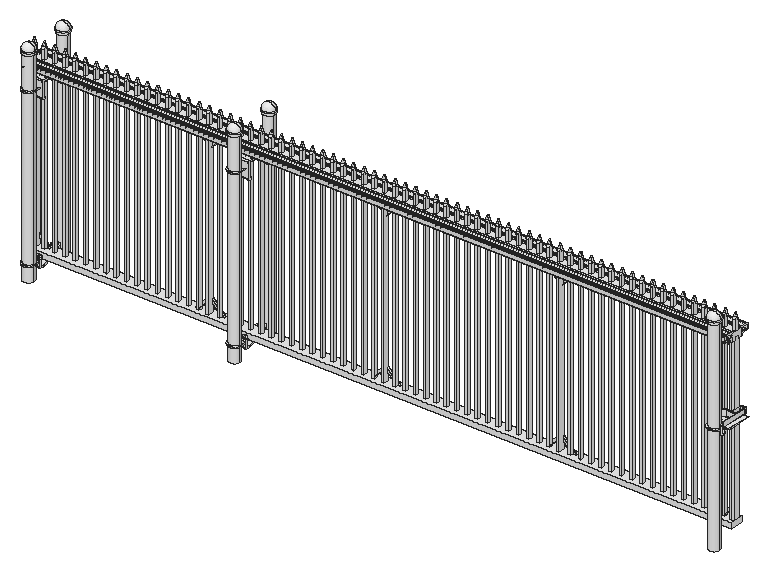
Revit family "Site-Fencing-Tymetal_Corp-Structural_Cantilever_Slide_Gate-Ornamental", category Site, Revit 2015 (continued)
Definition of nested family "Fence - Picket at Cross"
  Automatic sketch dimensions
    Extrusion 4 sketch curve to plane 4 = 0' - 0"
    Extrusion 4 sketch curve to plane 3 "Center (Left/Right)" = 0' - 0"
    Extrusion 4 sketch curve to plane 5 = 0' - 0"
    Extrusion 4 sketch curve to plane 4 = 0' - 0.04498"
    Extrusion 4 sketch curve to plane 9 = 0' - 0.07908"  (x2)
    Extrusion 4 sketch curve to plane 3 "Center (Left/Right)" = 0' - 0.11626"
    plane 5 to Extrusion 4 sketch curve = 0' - 0.04498"
    Extrusion 4 sketch curve to Extrusion 4 sketch curve = 0' - 0.04592"
    plane 8 to Extrusion 4 sketch curve = 0' - 0 95/256"  (x2)
    plane 8 to Extrusion 4 sketch curve = 0' - 0.09607"
    plane 8 to Extrusion 4 sketch curve = 0' - 0.00005"
    Extrusion 4 sketch curve to plane 4 = 0' - 0 3/8"
    Extrusion 4 sketch curve to Extrusion 4 sketch curve = 0' - 0.08002"
    plane 5 to Extrusion 4 sketch curve = 0' - 0 3/8"
Definition of nested family "Fence - Ornamental Cross Brace"
  Parameters
    Nominal Gate Height = 6' - 6"
    Frame Width = 0' - 3 3/16"
    Cross Brace Width = 0' - 0 1/2"  # constant formula
    Panel Length = 4' - 5.8"
    Height Above Grade = 0' - 5"
    Cross Brace Finish = none
  Reference planes (in)
    plane 1 "Center (Front/Back)": y = -0.25
    plane 2: z = 0
    plane 3 "Center (Left/Right)": x = -9.6
    plane 4: x = -36
    plane 5: x = 16.8
    plane 6: y = -0.5
    plane 7: y = 0
    plane 8: z = 68.8125
    plane 9: z = 7
    plane 10: x = -31
    plane 11: x = 11.8
    plane 12: z = 63.8125
    plane 13: z = 12
    plane 14: z = 78
    plane 15: z = 72
    plane 16: z = 5
    plane 17: z = 37.90625
    plane 18: y = -0.75
    plane 19: y = -1.5
    plane 20: x = 17.8
    plane 21: x = 17.3
    plane 22: x = -36.5
    plane 23: x = -33.29762
    plane 24: x = 14.09762
    plane 25: x = 10.89524
    plane 26: y = -1
    plane 27: x = -37
  Forms (in)
    Extrusion 1, solid, material <- "Cross Brace Finish", detail levels medium+fine
      sketch origin (0, -0.25, 0) x (1, 0, 0) y (0, 0, 1)
        loop
          line (-31, 68.8125) -> (-32.41421, 68.8125) -> (-36, 65.22671) -> (-36, 63.8125) -> (-31, 68.8125)
        loop
          line (11.8, 68.8125) -> (16.8, 63.8125) -> (16.8, 65.22671) -> (13.21421, 68.8125) -> (11.8, 68.8125)
        loop
          line (-31, 7) -> (-36, 12) -> (-36, 10.58579) -> (-32.41421, 7) -> (-31, 7)
        loop
          line (11.8, 7) -> (13.21421, 7) -> (16.8, 10.58579) -> (16.8, 12) -> (11.8, 7)
      from -0.25 to 0.25
  Lines and regions (in)
    model lines
      curve 1: line (-33.5, -0.25, 66.3125) -> (14.3, -0.25, 9.5)
      curve 2: line (-33.5, -0.25, 9.5) -> (14.3, -0.25, 66.3125)
  Dimensions and locks (in)
    equal spacing: plane 7, plane 1 "Center (Front/Back)", plane 6
    "Cross Brace Width": plane 6 to plane 7
    locked: Extrusion 1 sketch curve to Extrusion 1 sketch curve at 1  (x4)
    equal spacing: plane 12, plane 17, plane 13
    equal spacing: plane 5, plane 3 "Center (Left/Right)", plane 4
    plane 10 to plane 4 = 0' - 5"
    plane 5 to plane 11 = 0' - 5"
    equal spacing: plane 7, plane 18, plane 19
    "Nominal Gate Height": plane 14 to level
    plane 16 to level = 0' - 5"
    plane 9 to plane 16 = 0' - 2"
    locked: plane 13 to plane 9 at 5
    locked: plane 8 to plane 12 at 5
    "Frame Width": plane 15 to plane 8
    plane 14 to plane 15 = 0' - 6"
    plane 20 to plane 5 to plane 11 = 0' - 1" locked, 0' - 5" locked
    plane 10 to plane 4 to plane 27 = 0' - 5" locked, 0' - 1" locked
    equal spacing: plane 20, plane 21, plane 5
    locked: plane 4 to plane 22 at 0.5
    "Panel Length": plane 21 to plane 22
    plane 23 to plane 22 = 0' - 3.20238"
    plane 24 to plane 21 = 0' - 3.20238"
    plane 25 to plane 24 = 0' - 3.20238"
    equal spacing: plane 5, curve 1, plane 11
    equal spacing: plane 13, curve 1, plane 9
    equal spacing: plane 10, curve 2, plane 4
    equal spacing: plane 13, curve 2, plane 9
    equal spacing: plane 8, curve 1, plane 12
    equal spacing: plane 10, curve 1, plane 4
    equal spacing: plane 5, curve 2, plane 11
    equal spacing: plane 8, curve 2, plane 12
    aligned and locked: Extrusion 1 sketch curve to plane 8
    aligned and locked: Extrusion 1 sketch curve to plane 4
    aligned and locked: plane 12 to Extrusion 1 sketch curve  (x2)
    aligned and locked: plane 10 to Extrusion 1 sketch curve  (x2)
    aligned and locked: Extrusion 1 sketch curve to plane 9
    aligned and locked: plane 4 to Extrusion 1 sketch curve
    aligned and locked: plane 13 to Extrusion 1 sketch curve  (x2)
    aligned and locked: plane 9 to Extrusion 1 sketch curve
    aligned and locked: plane 5 to Extrusion 1 sketch curve  (x2)
    aligned and locked: plane 11 to Extrusion 1 sketch curve  (x2)
    aligned and locked: Extrusion 1 sketch curve to plane 5
    aligned and locked: plane 8 to Extrusion 1 sketch curve
    aligned and locked: plane 7 to Extrusion 1
    aligned and locked: Extrusion 1 to plane 6
    aligned and locked: plane 5 to Extrusion 1  (x2)
Definition of nested family "Fence"
  Parameters
    Picket Spacing = 0' - 3"
    Picket Count = (Length + Extension Length) / Picket Spacing  # 34
    Length = 6' - 7"
    Extension Length = 2' - 0"
  Reference planes (in)
    plane 1 "Center (Front/Back)": y = 0
    plane 2: z = 0
    plane 3 "Center (Left/Right)": x = 0
    plane 4: x = -51.5
    plane 5: x = 51.5
    plane 6: x = 48.5
    plane 7: x = -49.8125
    plane 8: x = 27.5
    plane 9: y = 1
    plane 10: y = -1
  Lines and regions (in)
    Masking region 1
      outline origin (0, 0, 0) x (1, 0, 0) y (0, 1, 0)
        loop
          line (-51.5, 1) -> (-51.5, -1) -> (51.5, -1) -> (51.5, 1) -> (-51.5, 1)
    symbolic lines
      curve 1: line (51.5, 7.25, 0) -> (51.5, 1, 0)
      curve 2: line (50.07185, 0, 0) -> (51.5, 1, 0)
      curve 3: line (52.92815, 0, 0) -> (51.5, -1, 0)
      curve 4: line (50.07185, 0, 0) -> (52.92815, 0, 0)
      curve 5: line (51.5, -1, 0) -> (51.5, -7.25, 0)
  Dimensions and locks (in)
    equal spacing: plane 4, plane 3 "Center (Left/Right)", plane 5
    "Length": plane 4 to plane 8
    locked: Masking region 1 sketch curve to Masking region 1 sketch curve at 2
    equal spacing: Masking region 1 sketch curve, plane 1 "Center (Front/Back)", Masking region 1 sketch curve
    "Picket Spacing": plane 6 to plane 5
    locked: plane 4 to plane 7 at 1.6875
    equal spacing: group 2, group 34, group 33, group 32, group 31, group 30, group 29, group 28, group 27, group 26, group 25, group 24, group 23, group 22, group 21, group 20, group 19, group 18, group 17, group 16, group 15, group 14, group 13, group 12, group 11, group 10, group 9, group 8, group 7, group 6, group 5, group 4, group 3, group 1
    equal spacing: group 1, group 3, group 4, group 5, group 6, group 7, group 8, group 9, group 10, group 11, group 12, group 13, group 14, group 15, group 16, group 17, group 18, group 19, group 20, group 21, group 22, group 23, group 24, group 25, group 26, group 27, group 28, group 29, group 30, group 31, group 32, group 33, group 34, group 2  (x2)
    "Extension Length": plane 8 to plane 5
    aligned and locked: plane 4 to Masking region 1 sketch curve
    aligned and locked: Masking region 1 sketch curve to plane 5
    aligned and locked: plane 6 to nested 1
    aligned and locked: plane 1 "Center (Front/Back)" to nested 2
    aligned and locked: nested 2 to plane 7
    aligned and locked: plane 1 "Center (Front/Back)" to nested 1
    aligned and locked: plane 9 to Masking region 1
    aligned and locked: plane 10 to Masking region 1
  Automatic sketch dimensions
    curve 2 to plane 5 = 0' - 0"
    curve 5 to plane 5 = 0' - 0"
    curve 4 to plane 5 = 0' - 1.42815"
    plane 5 to curve 3 = 0' - 1.42815"
    plane 1 "Center (Front/Back)" to curve 3 = 0' - 1"
    curve 1 to plane 1 "Center (Front/Back)" = 0' - 1"
    curve 5 to curve 5 = 0' - 6 1/4"
    curve 2 to curve 1 = 0' - 6 1/4"
    plane 1 "Center (Front/Back)" to curve 4 = 0' - 0"
  Nested families (in)
    nested 1: "Picket" at (48.5, 0, 0), type "Picket"
    nested 2: "Picket" at (-49.8125, 0, 0), type "Picket"
    nested 3: "Picket" at (45.52083, 0, 0), type "Picket"
    nested 4: "Picket" at (42.54167, 0, 0), type "Picket"
    nested 5: "Picket" at (39.5625, 0, 0), type "Picket"
    nested 6: "Picket" at (36.58333, 0, 0), type "Picket"
    nested 7: "Picket" at (33.60417, 0, 0), type "Picket"
    nested 8: "Picket" at (30.625, 0, 0), type "Picket"
    nested 9: "Picket" at (27.64583, 0, 0), type "Picket"
    nested 10: "Picket" at (24.66667, 0, 0), type "Picket"
    nested 11: "Picket" at (21.6875, 0, 0), type "Picket"
    nested 12: "Picket" at (18.70833, 0, 0), type "Picket"
    nested 13: "Picket" at (15.72917, 0, 0), type "Picket"
    nested 14: "Picket" at (12.75, 0, 0), type "Picket"
    nested 15: "Picket" at (9.77083, 0, 0), type "Picket"
    nested 16: "Picket" at (6.79167, 0, 0), type "Picket"
    nested 17: "Picket" at (3.8125, 0, 0), type "Picket"
    nested 18: "Picket" at (0.83333, 0, 0), type "Picket"
    nested 19: "Picket" at (-2.14583, 0, 0), type "Picket"
    nested 20: "Picket" at (-5.125, 0, 0), type "Picket"
    nested 21: "Picket" at (-8.10417, 0, 0), type "Picket"
    nested 22: "Picket" at (-11.08333, 0, 0), type "Picket"
    nested 23: "Picket" at (-14.0625, 0, 0), type "Picket"
    nested 24: "Picket" at (-17.04167, 0, 0), type "Picket"
    nested 25: "Picket" at (-20.02083, 0, 0), type "Picket"
    nested 26: "Picket" at (-23, 0, 0), type "Picket"
    nested 27: "Picket" at (-25.97917, 0, 0), type "Picket"
    nested 28: "Picket" at (-28.95833, 0, 0), type "Picket"
    nested 29: "Picket" at (-31.9375, 0, 0), type "Picket"
    nested 30: "Picket" at (-34.91667, 0, 0), type "Picket"
    nested 31: "Picket" at (-37.89583, 0, 0), type "Picket"
    nested 32: "Picket" at (-40.875, 0, 0), type "Picket"
    nested 33: "Picket" at (-43.85417, 0, 0), type "Picket"
    nested 34: "Picket" at (-46.83333, 0, 0), type "Picket"
  Definition of nested family "Picket"
    Reference planes (in)
      plane 1 "Center (Front/Back)": y = 0
      plane 2: z = 0
      plane 3 "Center (Left/Right)": x = 0
    Lines and regions (in)
      Masking region 1
        outline origin (0, 0, 0) x (1, 0, 0) y (0, 1, 0)
          loop
            line (-0.5, 0.5) -> (-0.5, -0.5) -> (0.5, -0.5) -> (0.5, 0.5) -> (-0.5, 0.5)
    Dimensions and locks (in)
      locked: Masking region 1 sketch curve to Masking region 1 sketch curve at 1  (x2)
      equal spacing: Masking region 1 sketch curve, plane 1 "Center (Front/Back)", Masking region 1 sketch curve
      equal spacing: Masking region 1 sketch curve, plane 3 "Center (Left/Right)", Masking region 1 sketch curve
      aligned and locked: plane 2 to level
